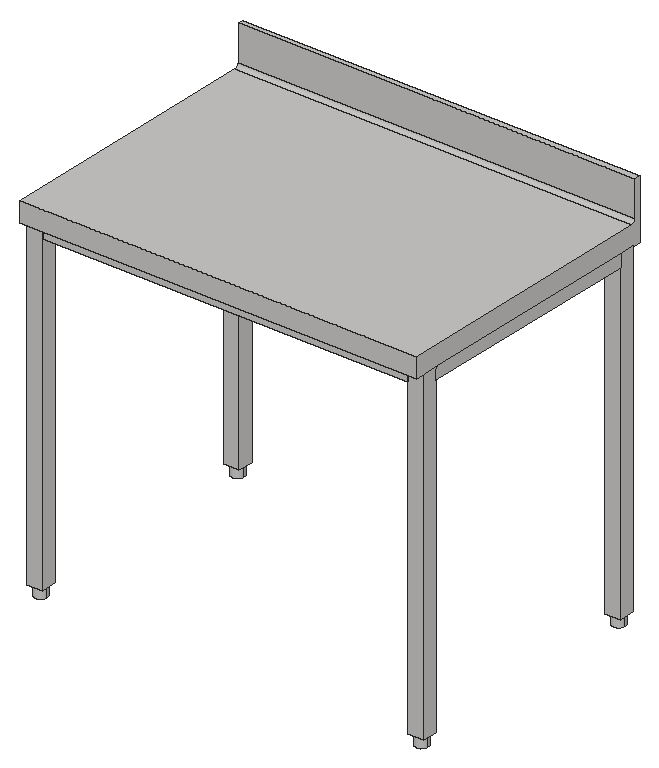
Revit family "QF_ELECTROLUXPROFESSIONAL_134011_GTG1010E", category Attrezzature speciali, Revit 2020
Family settings
  Quota connettore circolare = Usa diametro
  Tipo di parte = Normale
  Basato su piano di lavoro = No
  Sempre verticale = Sì
  Taglio con vuoti quando caricato = No
  Condiviso = No
  Punto di calcolo locali = No
Parameters (values of type "Standard")
  Weight = 33.00 kg
  Watts = 0 W
  Volts = 0 V
  URL Manufacturer = "https://www.electroluxprofessional.com/"
  URL = "https://www.electroluxprofessional.com/"
  Steam Supply Size = 0 mm
  Steam Supply Minimum Pressure = 0.0 Pa
  Steam Supply Maximum Pressure = 0.0 Pa
  Steam Consumption per Hour = 0
  Refrigeration Suction Line Size = 0.0 mm
  Refrigeration Liquid Line Size = 0.0 mm
  Refrigerant Compressor Remote = yes
  Prospetto di default = 0.0 mm
  Produttore = "Electrolux Professional"
  Phase = 0
  Modello = "GTG1010E"
  Length Actual = 1000.0 mm  # constant formula
  Item Number = "134011"
  Hot Water Size = 0 mm
  Height Actual = 1000.0 mm  # constant formula
  HP = "0 HP"
  Gas Size = 0 mm
  Gas KW = 0
  Gas Input Pressure = 0 W
  Direct Waste Size = 0 mm
  Descrizione = "WORK TABLE WITH UPSTAND 1000 MM"
  Depth Actual = 700.0 mm  # constant formula
  Cycle = 0 Hz
  Condensate Return Size = 0 mm
  Compressed Air Volume = 0.0 L/s
  Compressed Air Size = 0 mm
  Compressed Air Pressure = 0.0 Pa
  Cold Water Size = 0 mm
  Accessory = yes
Reference planes
  plane 1 "Center (Front/Back)": y = 0
  plane 2: z = 0
  plane 3 "Center (Left/Right)": x = 0
  plane 4 "LEFT": x = -500
  plane 5 "RIGHT": x = 500
  plane 6 "BACK": y = 350
  plane 7 "FRONT": y = -350
  plane 8 "Base": z = 850
  plane 9 "TOP": z = 900
  plane 10: x = -480
  plane 11: x = 480
  plane 12: y = 310
  plane 13: y = -310
  plane 14 "TRAVERSI": z = 820
  plane 15: x = -460
  plane 16: x = 460
  plane 17: y = 290
  plane 18: y = -290
  plane 19: y = 330
  plane 20: y = -330
Forms (mm)
  Extrusion 1, solid, material "QF_Finishes_Stainless Steel"
    sketch origin (0, 0, 0) x (0, 1, 0) y (0, 0, 1)
      loop
        line (-350, 850) -> (350, 850) -> (350, 1000) -> (337, 1000) -> (337, 910)
        arc (337, 910) -> (334.071, 902.929) -> (327, 900) r 10
        line (327, 900) -> (-350, 900) -> (-350, 850)
    from 500 to -500
  Extrusion 2, solid, material "QF_Finishes_Stainless Steel"
    sketch origin (0, 0, 820) x (0, 1, 0) y (-1, 0, 0)
      loop
        line (290, -460) -> (-290, -460) -> (-290, -500) -> (290, -500) -> (290, -460)
      loop
        line (290, 500) -> (-290, 500) -> (-290, 460) -> (290, 460) -> (290, 500)
    from 0 to 30
  Extrusion 3, solid, material "QF_Finishes_Stainless Steel"
    sketch origin (0, 0, 820) x (0, 1, 0) y (-1, 0, 0)
      loop
        line (330, -460) -> (330, 460) -> (290, 460) -> (290, -460) -> (330, -460)
      loop
        line (-290, 460) -> (-330, 460) -> (-330, -460) -> (-290, -460) -> (-290, 460)
    from 0 to 30
Lines and regions (mm)
  symbolic lines
    curve 1: line (500, 350, 900) -> (-500, 350, 900)
    curve 2: line (-500, 350, 900) -> (-500, -350, 900)
    curve 3: line (-500, -350, 900) -> (500, -350, 900)
    curve 4: line (500, -350, 900) -> (500, 350, 900)
    curve 5: line (-500, 337, 820) -> (500, 337, 820)
Dimensions and locks
  plane 4 "LEFT" to plane 5 "RIGHT" = 1000.0 mm
  equal spacing: plane 4 "LEFT", plane 3 "Center (Left/Right)", plane 5 "RIGHT"
  plane 4 "LEFT" to plane 10 = 20.0 mm
  plane 11 to plane 5 "RIGHT" = 20.0 mm
  plane 10 to plane 11 = 960.0 mm
  plane 6 "BACK" to plane 12 = 40.0 mm
  plane 13 to plane 7 "FRONT" = 40.0 mm
  plane 6 "BACK" to plane 7 "FRONT" = 700.0 mm
  plane 12 to plane 13 = 620.0 mm
  equal spacing: plane 6 "BACK", plane 1 "Center (Front/Back)", plane 7 "FRONT"
  plane 8 "Base" to plane 14 "TRAVERSI" = 30.0 mm
  locked: plane 10 to plane 15 at 20
  locked: plane 16 to plane 11 at 20
  locked: plane 19 to plane 12 at 20
  locked: plane 12 to plane 17 at 20
  locked: plane 18 to plane 13 at 20
  locked: plane 13 to plane 20 at 20
  locked: plane 8 "Base" to level at 850
  locked: Extrusion 1 to level at 1000
  aligned and locked: level to plane 2
  aligned and locked: plane 10 to nested 1
  aligned and locked: nested 1 to plane 13
  aligned and locked: plane 11 to nested 2
  aligned and locked: nested 2 to plane 13
  aligned and locked: plane 11 to nested 4
  aligned and locked: nested 4 to plane 12
  aligned and locked: plane 10 to nested 3
  aligned and locked: nested 3 to plane 12
  aligned and locked: Extrusion 1 to plane 4 "LEFT"
  aligned and locked: plane 5 "RIGHT" to Extrusion 1
  aligned and locked: curve 2 to plane 4 "LEFT"
  aligned and locked: Extrusion 2 sketch curve to plane 5 "RIGHT"
  aligned and locked: Extrusion 2 sketch curve to plane 17  (x2)
  aligned and locked: plane 16 to Extrusion 2 sketch curve
  aligned and locked: plane 18 to Extrusion 2 sketch curve  (x2)
  aligned and locked: plane 4 "LEFT" to Extrusion 2 sketch curve
  aligned and locked: Extrusion 2 sketch curve to plane 15
  aligned and locked: plane 19 to Extrusion 3 sketch curve
  aligned and locked: Extrusion 3 sketch curve to plane 17
  aligned and locked: Extrusion 3 sketch curve to plane 18
  aligned and locked: plane 20 to Extrusion 3 sketch curve
  aligned and locked: Extrusion 3 sketch curve to plane 15
  aligned and locked: plane 15 to Extrusion 3 sketch curve
  aligned and locked: plane 16 to Extrusion 3 sketch curve
  aligned and locked: Extrusion 3 sketch curve to plane 16
  aligned and locked: curve 5 to Extrusion 1
Automatic sketch dimensions
  curve 3 to plane 7 "FRONT" = 0.0 mm
  curve 4 to plane 6 "BACK" = 0.0 mm
  curve 4 to plane 5 "RIGHT" = 0.0 mm
  Extrusion 1 sketch curve to plane 7 "FRONT" = 0.0 mm
  Extrusion 1 sketch curve to plane 9 "TOP" = 0.0 mm
  Extrusion 1 sketch curve to plane 6 "BACK" = 0.0 mm
  Extrusion 1 sketch curve to plane 8 "Base" = 0.0 mm
  Extrusion 1 sketch curve to plane 19 = 3.0 mm
  plane 19 to Extrusion 1 sketch curve = 7.0 mm
  Extrusion 1 sketch curve to Extrusion 1 sketch curve = 90.0 mm
  curve 5 to plane 5 "RIGHT" = 0.0 mm
  curve 5 to plane 4 "LEFT" = 0.0 mm
Nested families
  nested 1: "FEET_40x40_R" at (-480, -310, 0), type "FEET_40x40_R"
  nested 2: "FEET_40x40_R" at (480, -310, 0), type "FEET_40x40_R"
  nested 3: "FEET_40x40_R" at (-480, 310, 0), type "FEET_40x40_R"
  nested 4: "FEET_40x40_R" at (480, 310, 0), type "FEET_40x40_R"
Definition of nested family "FEET_40x40_R"
  Parameters
    Default Elevation = 0.0 mm
    FEET = 850.0 mm
  Reference planes
    plane 1 "Center (Front/Back)": y = 0
    plane 2: z = 0
    plane 3 "Center (Left/Right)": x = 0
    plane 4: z = 850
  Forms (mm)
    Extrusion 1, solid
      sketch origin (0, 0, 0) x (1, 0, 0) y (0, 1, 0)
        loop
          line (-20, -20) -> (20, -20) -> (20, 20) -> (-20, 20) -> (-20, -20)
      from 25 to 850
    Extrusion 2, solid
      sketch origin (0, 0, 0) x (1, 0, 0) y (0, 1, 0)
        loop
          circle (0, 0) r 16
      from 0 to 25
  Lines and regions (mm)
    symbolic lines
      curve 1: line (0, -1.503, 0) -> (0, 1.508, 0)
      curve 2: line (1.561, 0, 0) -> (-1.439, 0, 0)
  Dimensions and locks
    "FEET": plane 4 to plane 2
    aligned and locked: level to plane 2
  Automatic sketch dimensions
    Extrusion 1 sketch curve to plane 3 "Center (Left/Right)" = 20.0 mm
    plane 3 "Center (Left/Right)" to Extrusion 1 sketch curve = 20.0 mm
    plane 1 "Center (Front/Back)" to Extrusion 1 sketch curve = 20.0 mm
    Extrusion 1 sketch curve to plane 1 "Center (Front/Back)" = 20.0 mm
    plane 1 "Center (Front/Back)" to Extrusion 2 sketch curve = 0.0 mm
    Extrusion 2 sketch curve to plane 3 "Center (Left/Right)" = 0.0 mm
    plane 1 "Center (Front/Back)" to curve 2 = 0.0 mm
    curve 1 to plane 3 "Center (Left/Right)" = 0.0 mm
    curve 2 to plane 3 "Center (Left/Right)" = 1.439 mm
    plane 3 "Center (Left/Right)" to curve 2 = 1.561 mm
    plane 1 "Center (Front/Back)" to curve 1 = 1.503 mm
    curve 1 to plane 1 "Center (Front/Back)" = 1.508 mm
    radius of Extrusion 2 sketch curve = 16.0 mm
